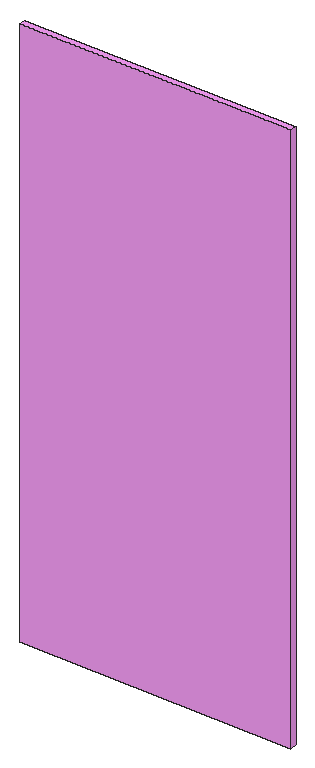
Revit family "EXP_WT-1A_CPan-021", category Curtain Panels, Revit 2021
Family settings
  OmniClass Number = 23.25.20.14.11.11.17
  OmniClass Title = Infill Panels
  Always vertical = Yes
  Cut with Voids When Loaded = No
  Shared = No
Parameters
  UI-UnitNumber [instance] = "01"
  UI-Quadrant [instance] = "SE"
  UI-ProjectAbbreviation = "NEU"
  UI-ItemCategory = "PID"
  UI-FloorNumber [instance] = "03"
  PNT-WallType = "WT1A"
  PNT-ItemCategory = "PNL"
  GlassSPH [instance] = 0' - 2 3/16"
  GlassH1 [instance] = IG-3F(Glass)
  GMPI-ProjectAbbreviation = "NEU"
  GMPI-PanelType [instance] = "01"
  Define Thermal Properties by = Schematic Type
  CellSp = 0' - 10 3/16"
  CellL [instance] = 7' - 10"
  CellH1 [instance] = CellH  # 15' - 11 1/2"
  CellH [instance] = 15' - 11 1/2"
  Analytic Construction = "<None>"
Reference planes (in)
  plane 1 "Center (Front/Back)": y = 0
  plane 2: z = 0
  plane 3 "Center (Left/Right)": x = 0
  plane 4 "Left": x = -47
  plane 5 "Right": x = 47
  plane 6 "Top": z = 191.5
  plane 7: y = -10.1875
Forms (in)
  Extrusion 1, solid, material "IG-3F(Glass)" <- "GlassH1", detail levels coarse+medium
    sketch origin (0, 0, 0) x (0, 1, 0) y (0, 0, 1)
      loop
        line (0, 191.5) -> (-10.1875, 191.5) -> (-10.1875, 0) -> (0, 0) -> (0, 191.5)
    from -47 to 47
Text (in)
  text "Exterior" at (-92.59733, 55.75508, 0), in view "Ref. Level"
  text "Exterior" at (0, 90.18664, 173.49264), in view "Left"
  text "Exterior" at (0, 52.29083, 162.21847), in view "Right"
Dimensions and locks (in)
  equal spacing: plane 4 "Left", plane 3 "Center (Left/Right)", plane 5 "Right"  (x2)
  "CellH": plane 2 to plane 6 "Top"
  "CellSp": plane 7 to plane 1 "Center (Front/Back)"
  "CellL": plane 4 "Left" to plane 5 "Right"
  aligned and locked: level to plane 2
  aligned and locked: Extrusion 1 sketch curve to level
  aligned and locked: Extrusion 1 sketch curve to plane 7
  aligned and locked: Extrusion 1 to plane 5 "Right"
  aligned and locked: plane 4 "Left" to Extrusion 1
  aligned and locked: Extrusion 1 to plane 6 "Top"
  aligned and locked: nested 1 to Extrusion 1
  aligned and locked: nested 1 to plane 4 "Left"
  aligned and locked: nested 1 to plane 5 "Right"
  aligned and locked: nested 2 to level
  aligned and locked: nested 2 to plane 1 "Center (Front/Back)"
  aligned and locked: plane 6 "Top" to nested 2
  aligned and locked: plane 5 "Right" to nested 3
  aligned and locked: plane 4 "Left" to nested 3
  aligned and locked: Extrusion 1 to level
  aligned and locked: nested 3 to plane 6 "Top"
  aligned and locked: plane 1 "Center (Front/Back)" to nested 3
  aligned and locked: plane 1 "Center (Front/Back)" to nested 4
  aligned and locked: plane 4 "Left" to nested 4
  aligned and locked: plane 5 "Right" to nested 4
  aligned and locked: plane 2 to nested 4
  aligned and locked: nested 4 to plane 6 "Top"
Automatic sketch dimensions
  Extrusion 1 sketch curve to plane 1 "Center (Front/Back)" = 0' - 0"
  level to Extrusion 1 sketch curve = 15' - 11 1/2"
Nested families (in)
  nested 1: "EXP_WT-1A_DetO-001" at (-47, 0, 0), type "EXP_WT-1A_DetO-001"
    with built-in parameter 1001306 7.8333 (stored number, unit not read)
  nested 2: "EXP_WT-1A_DetO-005" at (0, 0, 191.5) x (0, 0, -1) z (1, 0, 0), type "EXP_WT-1A_DetO-005"
    with built-in parameter 1001306 15.958 (stored number, unit not read), CellH 15' - 11 1/2"
  nested 3: "EXP_xx_DetO-002" at (0, 0, 0), CellH <- "CellH", CellL <- "CellL", type "EXP_xx_DetO-002", detail levels coarse
    with CellL 7' - 10", CellH 15' - 11 1/2"
  nested 4: "EXP_WT-1x_IG-001" at (0, 0, 95.75), MaterialGlass <- "GlassH1", GlassSP <- "GlassSPH", type "GlassSP = H", detail levels fine
    with MaterialGlass IG-3F(Glass), GlassSP 0' - 2 3/16", GlassL 7' - 8.12549", GlassH 15' - 8.62598", CellL 7' - 10", CellH 15' - 11 1/2"
Definition of nested family "EXP_WT-1x_IG-001"
  Parameters (values of type "H2 _ GlassSP = 1 1/4"")
    MaterialGlass [instance] = none
    GlassSP [instance] = 0' - 1 1/4"
    GlassL [instance] = CellL - (GlassD1 + GlassD3)  # 3' - 10.94439"
    GlassH [instance] = CellH - (GlassD2 + GlassD4)  # 6' - 6.64788"
    GlassD4 = 0' - 1.43701"
    GlassD3 = 0' - 0.93701"
    GlassD2 = 0' - 0 1/2"
    GlassD1 = 0' - 0 15/16"
    GMPI-ProjectAbbreviation = "NEU"
    GMPI-IteamCategory = "GLS"
    Default Elevation = 0' - 0"
    CellL [instance] = 4' - 0.8189"
    CellH [instance] = 6' - 8.58489"
  Types (12): name | GlassSP | GlassL | GlassH | GlassD4 | GlassD2 | GlassD1
    H2(x2) _ GlassSP = 2 1/8" | 0' - 2.12598" | 3' - 10.94488" | 6' - 6.64788" | 0' - 1.43701" | 0' - 0 1/2" | 0' - 0.93701"
    H1 _ GlassSP = 1 1/4" | 0' - 1 1/4" | 3' - 10.94439" | 6' - 6.89739" | 0' - 0 1/4" | 0' - 1 7/16" | 0' - 0 15/16"
    H2(x3) _ GlassSP = 2 1/8" | 0' - 2.12598" | 3' - 10.94488" | 6' - 7.83489" | 0' - 0 1/4" | 0' - 0 1/2" | 0' - 0.93701"
    H3 _ GlassSP = 1 1/4" | 0' - 1 1/4" | 3' - 10.94439" | 6' - 6.64788" | 0' - 1.43701" | 0' - 0 1/2" | 0' - 0 15/16"
    H _ GlassSP = 2 1/8" | 0' - 2.12598" | 3' - 10.94488" | 6' - 5.71088" | 0' - 1.43701" | 0' - 1.43701" | 0' - 0.93701"
    H _ GlassSP = 1 1/4" | 0' - 1 1/4" | 3' - 10.94439" | 6' - 5.71088" | 0' - 1.43701" | 0' - 1.43701" | 0' - 0 15/16"
    H2 _ GlassSP = 1 1/4" | 0' - 1 1/4" | 3' - 10.94439" | 6' - 6.64788" | 0' - 1.43701" | 0' - 0 1/2" | 0' - 0 15/16"
    GlassSP = H | 0' - 1 1/4" | 3' - 10.94439" | 6' - 5.71088" | 0' - 1.43701" | 0' - 1.43701" | 0' - 0 15/16"
    GlassSP = H3 | 0' - 1 1/4" | 3' - 10.94439" | 6' - 6.64788" | 0' - 1.43701" | 0' - 0 1/2" | 0' - 0 15/16"
    GlassSP = H2(x3) | 0' - 2.12598" | 3' - 10.94488" | 6' - 7.83489" | 0' - 0 1/4" | 0' - 0 1/2" | 0' - 0.93701"
    GlassSP = H2(x2) | 0' - 2.12598" | 3' - 10.94488" | 6' - 6.64788" | 0' - 1.43701" | 0' - 0 1/2" | 0' - 0.93701"
    GlassSP = H1 | 0' - 1 1/4" | 3' - 10.94439" | 6' - 6.89739" | 0' - 0 1/4" | 0' - 1 7/16" | 0' - 0 15/16"
  Reference planes (in)
    plane 1 "Center (Front/Back)": y = 0
    plane 2: z = 0
    plane 3 "Center (Left/Right)": x = 0
    plane 4: x = -24.40945
    plane 5: x = 24.40945
    plane 6: z = 40.29245
    plane 7: x = -23.47195
    plane 8: x = 23.47244
    plane 9: z = -40.29245
    plane 10: z = 39.79245
    plane 11: z = -38.85544
  Forms (in)
    Extrusion 1, solid, material <- "MaterialGlass"
      sketch origin (0, 0, 0) x (1, 0, 0) y (0, 0, 1)
        loop
          line (-23.47195, -38.85544) -> (23.47244, -38.85544) -> (23.47244, 39.79245) -> (-23.47195, 39.79245) -> (-23.47195, -38.85544)
      from 0 to 1.25 <- "GlassSP"
  Dimensions and locks (in)
    equal spacing: plane 6, level, plane 9
    "CellH": plane 6 to plane 9
    "GlassD2": plane 6 to plane 10
    "GlassD4": plane 11 to plane 9
    equal spacing: plane 4, plane 3 "Center (Left/Right)", plane 5
    "CellL": plane 4 to plane 5
    "GlassD1": plane 4 to plane 7
    "GlassD3": plane 5 to plane 8
    aligned and locked: level to plane 2
    aligned and locked: Extrusion 1 sketch curve to plane 11
    aligned and locked: Extrusion 1 sketch curve to plane 7
    aligned and locked: plane 10 to Extrusion 1 sketch curve
    aligned and locked: plane 8 to Extrusion 1 sketch curve
Definition of nested family "EXP_WT-1A_DetO-001"
  Parameters (values of type "EXP_WT-1A_DetO-001")
    built-in parameter 1001306 [instance] = 5' - 2.99213"
  Reference planes (in)
    plane 1 "Center (Front/Back)": y = 0
    plane 2: z = 0
    plane 3 "Left": x = 0
    plane 4 "Right": x = 62.99213
  Lines and regions (in)
    reference lines, in view "Ref. Level"
      curve 1: line (0, 0, 0) -> (62.99213, 0, 0)
    detail lines, in view "Ref. Level"
      curve 2: line (0.25, 0, 0) -> (0.5458, 0, 0)
      curve 3: line (0.25, 0, 0) -> (0.5458, 0, 0)
      curve 4: line (62.99213, -0.81795, 0) -> (62.99213, -10.1875, 0)
      curve 5: line (62.99213, -10.1875, 0) -> (60.99213, -10.1875, 0)
      curve 6: line (60.99213, -10.1875, 0) -> (60.99213, -2.43678, 0)
      curve 7: line (60.99213, -2.43678, 0) -> (62.44632, -2.43678, 0)
      curve 8: line (62.44632, -2.43678, 0) -> (62.44632, 0, 0)
      curve 9: line (62.44632, 0, 0) -> (62.74213, 0, 0)
      curve 10: line (62.74213, 0, 0) -> (62.74213, -0.81795, 0)
      curve 11: line (62.99213, -0.81795, 0) -> (62.74213, -0.81795, 0)
      curve 12: line (0.25, 0, 0) -> (0.25, -0.81795, 0)
      curve 13: line (0.25, 0, 0) -> (0.5458, 0, 0)
      curve 14: line (0, -0.81795, 0) -> (0.25, -0.81795, 0)
      curve 15: line (0, -0.81795, 0) -> (0, -10.1875, 0)
      curve 16: line (2, -10.1875, 0) -> (0, -10.1875, 0)
      curve 17: line (2, -2.43676, 0) -> (2, -10.1875, 0)
      curve 18: line (0.5458, -2.43676, 0) -> (2, -2.43676, 0)
      curve 19: line (0.5458, -2.43676, 0) -> (0.5458, 0, 0)
      curve 20: line (0.94241, 0, 0) -> (62.04971, 0, 0)
      curve 21: line (0.94241, -1.31, 0) -> (0.94241, 0, 0)
      curve 22: line (0.94241, -1.31, 0) -> (62.04971, -1.31, 0)
      curve 23: line (62.04971, -1.31, 0) -> (62.04971, 0, 0)
  Dimensions and locks (in)
    "built-in parameter 1001306": plane 3 "Left" to plane 4 "Right"
    aligned and locked: plane 1 "Center (Front/Back)" to curve 1
    aligned and locked: plane 3 "Left" to curve 1
    aligned and locked: plane 4 "Right" to curve 1
    aligned and locked: curve 4 to plane 4 "Right"
    aligned and locked: curve 1 to curve 13
    aligned and locked: curve 15 to plane 3 "Left"
    aligned and locked: curve 1 to curve 20
    aligned and locked: curve 5 to curve 16
  Automatic sketch dimensions
    plane 1 "Center (Front/Back)" to curve 9 = 0' - 0"
    curve 2 to curve 2 = 0' - 0.2958"
    curve 7 to plane 4 "Right" = 0' - 2"
    curve 9 to plane 4 "Right" = 0' - 0.5458"
    curve 10 to curve 4 = 0' - 0 1/4"
    plane 1 "Center (Front/Back)" to curve 4 = 0' - 0.81795"
    curve 7 to curve 10 = 0' - 1.61883"
    curve 5 to curve 7 = 0' - 7.75072"
    plane 1 "Center (Front/Back)" to curve 15 = 0' - 0.81795"
    plane 3 "Left" to curve 16 = 0' - 2"
    curve 17 to curve 12 = 0' - 1.61881"
    plane 3 "Left" to curve 20 = 0' - 0.94241"
    curve 23 to curve 10 = 0' - 0.69242"
    curve 23 to curve 10 = 0' - 0.49205"
    plane 3 "Left" to curve 14 = 0' - 0 1/4"
Definition of nested family "EXP_WT-1A_DetO-005"
  Parameters (values of type "EXP_WT-1A_DetO-005")
    built-in parameter 1001306 [instance] = 12' - 11"
    CellH [instance] = 12' - 11"
  Reference planes (in)
    plane 1 "Center (Front/Back)": y = 0
    plane 2: z = 0
    plane 3 "Left": x = 0
    plane 4 "Right": x = 155
  Lines and regions (in)
    reference lines, in view "Ref. Level"
      curve 1: line (0, 0, 0) -> (155, 0, 0)
    detail lines, in view "Ref. Level"
      curve 2: line (153.80789, 0, 0) -> (1.19241, 0, 0)
      curve 3: line (153.80789, -1.31, 0) -> (1.19241, -1.31, 0)
      curve 4: line (0, -10.1875, 0) -> (2.125, -10.1875, 0)
      curve 5: line (0, -0.81812, 0) -> (0, -10.1875, 0)
      curve 6: line (0.5, 0, 0) -> (0.5, -0.81812, 0)
      curve 7: line (0.5, 0, 0) -> (0.7958, 0, 0)
      curve 8: line (0, -0.81812, 0) -> (0.5, -0.81812, 0)
      curve 9: line (0.7958, -2.43676, 0) -> (0.7958, 0, 0)
      curve 10: line (2.125, -2.43676, 0) -> (0.7958, -2.43676, 0)
      curve 11: line (2.125, -10.1875, 0) -> (2.125, -2.43676, 0)
      curve 12: line (1.19241, -1.31, 0) -> (1.19241, 0, 0)
      curve 13: line (155, 60, 0) -> (155, -10.1875, 0)
      curve 14: line (155, -10.1875, 0) -> (151.625, -10.1875, 0)
      curve 15: line (151.625, -10.1875, 0) -> (151.625, -2.43679, 0)
      curve 16: line (151.625, -2.43679, 0) -> (154.2042, -2.43679, 0)
      curve 17: line (154.2042, -2.43679, 0) -> (154.2042, 0, 0)
      curve 18: line (154.5, 0, 0) -> (154.5, -0.81812, 0)
      curve 19: line (154.2042, 0, 0) -> (154.5, 0, 0)
      curve 20: line (155, -0.81812, 0) -> (154.5, -0.81812, 0)
      curve 21: line (155, -0.81812, 0) -> (155, -10.1875, 0)
      curve 22: line (153.80789, -1.31, 0) -> (153.80789, 0, 0)
  Dimensions and locks (in)
    "built-in parameter 1001306": plane 3 "Left" to plane 4 "Right"
    "CellH": plane 3 "Left" to plane 4 "Right"
    aligned and locked: plane 1 "Center (Front/Back)" to curve 1
    aligned and locked: plane 3 "Left" to curve 1
    aligned and locked: plane 4 "Right" to curve 1
    aligned and locked: curve 2 to plane 1 "Center (Front/Back)"
    aligned and locked: curve 1 to curve 7
    aligned and locked: curve 13 to plane 4 "Right"
    aligned and locked: curve 21 to plane 4 "Right"
    aligned and locked: curve 14 to curve 4
  Automatic sketch dimensions
    plane 1 "Center (Front/Back)" to curve 5 = 0' - 0.81812"
    plane 3 "Left" to curve 6 = 0' - 0 1/2"
    curve 6 to curve 9 = 0' - 0.2958"
    curve 9 to curve 10 = 0' - 1.3292"
    curve 10 to curve 6 = 0' - 1.61864"
    curve 6 to curve 12 = 0' - 0.69242"
    curve 12 to curve 6 = 0' - 0.49188"
    curve 13 to plane 1 "Center (Front/Back)" = 5' - 0"
    curve 16 to curve 16 = 0' - 2.5792"
    plane 1 "Center (Front/Back)" to curve 19 = 0' - 0"
    curve 17 to curve 18 = 0' - 0.2958"
    curve 20 to curve 20 = 0' - 0 1/2"
    curve 22 to curve 16 = 0' - 0.39631"
    curve 16 to curve 22 = 0' - 1.12679"
    plane 1 "Center (Front/Back)" to curve 18 = 0' - 0.81812"
    curve 14 to curve 15 = 0' - 7.75071"
    curve 8 to plane 3 "Left" = 0' - 0"
Definition of nested family "EXP_xx_DetO-002"
  Parameters (values of type "EXP_xx_DetO-002")
    Default Elevation = 0' - 0"
    CellL [instance] = 5' - 4.56693"
    CellH [instance] = 5' - 2.99213"
  Reference planes (in)
    plane 1 "Center (Front/Back)": y = 0
    plane 2: z = 0
    plane 3 "Center (Left/Right)": x = 0
    plane 4: x = -32.28346
    plane 5: x = 32.28346
    plane 6: z = 62.99213
  Lines and regions (in)
    model lines
      curve 1: line (-32.28346, 0, 62.99213) -> (32.28346, 0, 0)
      curve 2: line (32.28346, 0, 62.99213) -> (-32.28346, 0, 0)
  Dimensions and locks (in)
    "CellH": plane 6 to level
    equal spacing: plane 4, plane 3 "Center (Left/Right)", plane 5
    "CellL": plane 4 to plane 5
    aligned and locked: level to plane 2
  Automatic sketch dimensions
    curve 2 to level = 0' - 0"
    plane 4 to curve 2 = 0' - 0"
    plane 4 to curve 1 = 0' - 0"
    plane 5 to curve 2 = 0' - 0"
    curve 1 to level = 0' - 0"
    plane 5 to curve 1 = 0' - 0"
    curve 2 to plane 6 = 0' - 0"
    curve 1 to plane 6 = 0' - 0"
